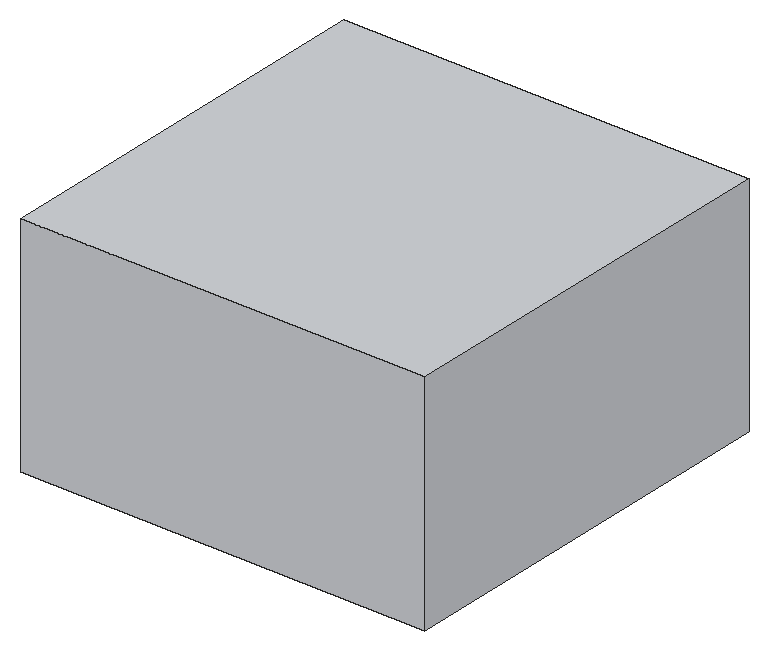
Revit family "cefd1e2c415241a69a440f14b891d8b1", category Uniones de tubo, Revit 2026
Family settings
  Cota de conector redondo = Usar radio
  Tipo de pieza = Cruz
  ID de elemento Seek = Conduit Junction Box - Cross - PVC-0000-CAN-ENU
  Se basa en plano de trabajo = No
  Siempre vertical = Sí
  Corte con vacíos al cargar = No
  Compartido = No
Parameters (values of type "Estándar")
  Anchura [instance] = Longitud  # 114 mm
  Radio nominal 4 [instance] = 8 mm
  Radio nominal 3 [instance] = 8 mm
  Radio nominal 2 [instance] = 8 mm
  Radio nominal 1 [instance] = 8 mm
  Diámetro nominal 4 [instance] = Radio nominal 4 * 2  # 16 mm
  Diámetro nominal 3 [instance] = Radio nominal 3 * 2  # 16 mm
  Diámetro nominal 2 [instance] = Radio nominal 2 * 2  # 16 mm
  Diámetro nominal 1 [instance] = Radio nominal 1 * 2  # 16 mm
  Diámetro nominal máx. 34 [instance] = if(Diámetro nominal 3 > Diámetro nominal 4, Diámetro nominal 3, Diámetro nominal 4)  # 16 mm
  Diámetro nominal máx. 1234 [instance] = if(Diámetro nominal máx. 12 > Diámetro nominal máx. 34, Diámetro nominal máx. 12, Diámetro nominal máx. 34)  # 16 mm
  Diámetro nominal máx. 12 [instance] = if(Diámetro nominal 1 > Diámetro nominal 2, Diámetro nominal 1, Diámetro nominal 2)  # 16 mm
  Altura [instance] = if(not(Diámetro nominal máx. 1234 > 27 mm), 64 mm, if(Diámetro nominal máx. 1234 < 155 mm, 152 mm, Diámetro nominal máx. 1234 * 1.2))  # 64 mm
  Longitud [instance] = if(not(Diámetro nominal máx. 1234 > 27 mm), 114 mm, 6 * Diámetro nominal máx. 1234)  # 114 mm
  Elevación por defecto = 0 mm
Reference planes
  plane 1 "Centro (Frontal/Posterior)": y = 0
  plane 2: z = 0
  plane 3 "Centro (Izquierda/Derecha)": x = 0
  plane 4: x = -57
  plane 5: x = 57
  plane 6: y = 57
  plane 7: y = -57
  plane 8: z = 32
  plane 9: z = -32
Forms (mm)
  Extrusion 1, solid
    sketch origin (0, 0, 0) x (1, 0, 0) y (0, 1, 0)
      loop
        line (-57, 57) -> (-57, -57) -> (57, -57) -> (57, 57) -> (-57, 57)
    from -32 to 32
Dimensions and locks
  equal spacing: plane 4, plane 3 "Centro (Izquierda/Derecha)", plane 5
  "Longitud": plane 4 to plane 5
  equal spacing: plane 6, plane 1 "Centro (Frontal/Posterior)", plane 7
  "Anchura": plane 6 to plane 7
  equal spacing: plane 8, plane 2, plane 9
  "Altura": plane 8 to plane 9
  aligned and locked: Extrusion 1 sketch curve to plane 6
  aligned and locked: plane 4 to Extrusion 1 sketch curve
  aligned and locked: plane 7 to Extrusion 1 sketch curve
  aligned and locked: Extrusion 1 sketch curve to plane 5
  aligned and locked: Extrusion 1 to plane 9
  aligned and locked: plane 8 to Extrusion 1
Connectors
  cabletrayconduit at (-57, 0, 0), diameter 16, driven by "Radio nominal 1"
    settings: on Extrusion 1, index 1, connector width 304.8 mm, connector height 304.8 mm, connector angle 0.00°, system type 32, placement type 0, profile type 0, connector reference index 2, is primary connector yes, connector utility param no, connector description ""
  cabletrayconduit at (57, 0, 0), diameter 16, driven by "Radio nominal 2"
    settings: on Extrusion 1, index 2, connector width 304.8 mm, connector height 304.8 mm, connector angle 0.00°, system type 32, placement type 0, profile type 0, connector reference index 1, is primary connector no, connector utility param no, connector description ""
  cabletrayconduit at (0, -57, 0), diameter 16, driven by "Radio nominal 3"
    settings: on Extrusion 1, index 3, connector width 304.8 mm, connector height 304.8 mm, connector angle 0.00°, system type 32, placement type 0, profile type 0, connector reference index 4, is primary connector no, connector utility param no, connector description ""
  cabletrayconduit at (0, 57, 0), diameter 16, driven by "Radio nominal 4"
    settings: on Extrusion 1, index 4, connector width 304.8 mm, connector height 304.8 mm, connector angle 0.00°, system type 32, placement type 0, profile type 0, connector reference index 3, is primary connector no, connector utility param no, connector description ""
